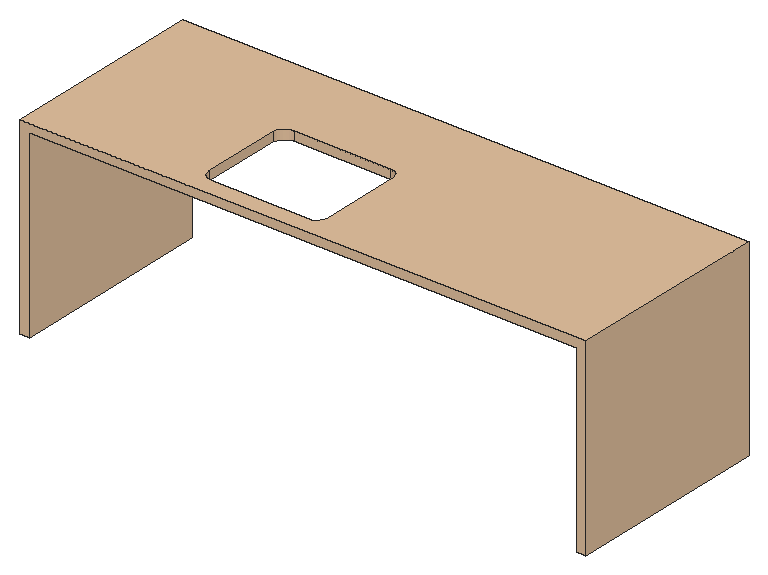
Revit family
Parameters (values of type "900mm Depth")
  Counter Thickness = 40 mm
  Counter Top Material = none
  Depth [instance] = 900 mm
  Height = 900 mm
  Length [instance] = 2500 mm
  Sink Location [instance] = 1000 mm
  Sink Location To Edge = 600 mm
  Sink Opening Depth [instance] = 454 mm
  Sink Opening Width [instance] = 528 mm
  Base of wrap [instance] = 50 mm
  Assembly Code = ""
Types (3, lengths in mm): name | Depth | Sink Location To Edge
  1200mm Depth | 1250 | 900
  600mm Depth | 600 | 300
  900mm Depth | 900 | 600
Reference planes
  plane 1: z = 0
  plane 2 "Left": x = -1200.462
  plane 3 "Right": x = 1299.538
  plane 4 "Front": y = -574.6
  plane 5 "Top": z = 900
  plane 6: z = 860
  plane 7: z = 1001.6
  plane 8: x = -200.462
  plane 9: y = -47.6
  plane 10: x = 63.538
  plane 11: y = -501.6
  plane 12: x = -464.462
  plane 13 "Back": y = 325.4
  plane 14: y = -274.6
  plane 15 "base of wrap": z = 50
Forms (mm)
  Extrusion 1, void
    sketch origin (0, 0, 0) x (1, 0, 0) y (0, 1, 0)
      loop
        arc (-413.662, -47.6) -> (-449.583, -62.479) -> (-464.462, -98.4) r 50.8
        line (-464.462, -98.4) -> (-464.462, -450.8)
        arc (-464.462, -450.8) -> (-449.583, -486.721) -> (-413.662, -501.6) r 50.8
        line (-413.662, -501.6) -> (12.738, -501.6)
        arc (12.738, -501.6) -> (48.659, -486.721) -> (63.538, -450.8) r 50.8
        line (63.538, -450.8) -> (63.538, -98.4)
        arc (63.538, -98.4) -> (48.659, -62.479) -> (12.738, -47.6) r 50.8
        line (12.738, -47.6) -> (-413.662, -47.6)
    from 800 to 900
  Extrusion 2, solid
    sketch origin (0, 325.4, 0) x (1, 0, 0) y (0, 0, 1)
      loop
        line (-1200.462, 50) -> (-1160.462, 50) -> (-1160.462, 860) -> (1259.538, 860) -> (1259.538, 50) -> (1299.538, 50) -> (1299.538, 900) -> (-1200.462, 900) -> (-1200.462, 50)
    from 0 to 900 <- "Depth"
Cuts and joins
  Extrusion 1 cuts Extrusion 2
Lines and regions (mm)
  symbolic lines, style "Counter Top"
    curve 1: line (1299.538, 325.4, 0) -> (-1200.462, 325.4, 0)
    curve 2: line (1299.538, -574.6, 0) -> (1299.538, 325.4, 0)
    curve 3: line (-1200.462, -574.6, 0) -> (1299.538, -574.6, 0)
    curve 4: line (-1200.462, 325.4, 0) -> (-1200.462, -574.6, 0)
Text (mm)
  text "front" at (0, -1022.956, 1469.991), in view "Left"
  text "front" at (0, -1829.457, 1466.004), in view "Right"
